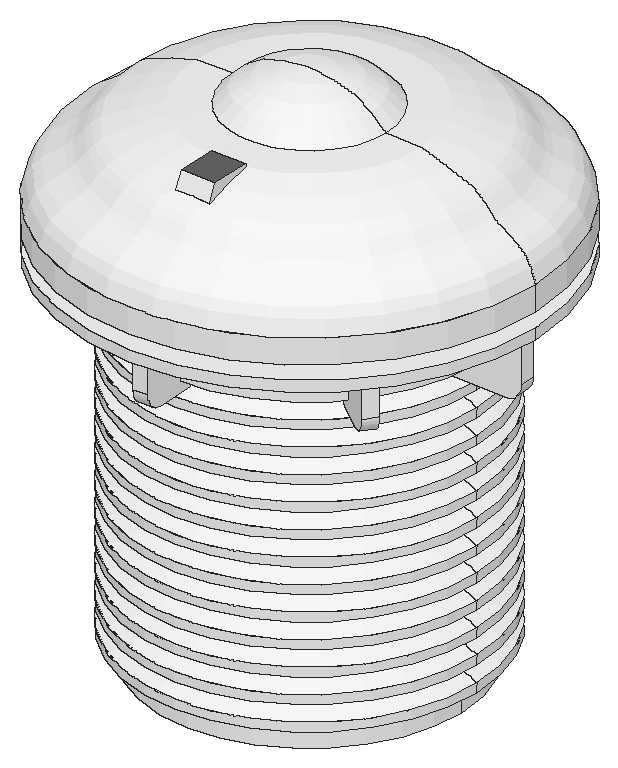
Revit family "BTSMP-LMI", category Communication Devices, host Face, Revit 2014
Parameters (values of type "BTSMP")
  Width = 1.60"
  Warranty = "5-Years Warranty"  # constant formula
  Type Comments = "Bluetooth® Low Mount Indoor Sensor Module"  # constant formula
  Sensor Type = "Passive Infrared"  # constant formula
  Product Page URL = "https://www.hubbell.com/hubbellcontrolsolutions/en/Products/Lighting-Controls/Lighting-Controls-Sensors/OEM-Fixture-Controls/Bluetooth-Low-Mount-Indoor-Sensor-Module/p/7413871"
  Product Documentation Link = "https://hubbellcdn.com/specsheet/HCS_1905A_BTSMP-LMI_SPEC.pdf"
  URL = "https://www.hubbell.com/hubbellcontrolsolutions/en"
  Mounting = "Up to 14 ft"  # constant formula
  Model = "Low Mount Indoor Sensor Module"  # constant formula
  Manufacturer = "Hubbell Control Solutions"  # constant formula
  Features = "Passive Infrared (PIR) sensing technology provides excellent major\r\nmotion detection\r\n• Wireless programming using HCS controlHUBB mobile app\r\n• 0-10V dimming control\r\n• Single/Dual motion sensor timer modes\r\n• Daylight sensor with multiple daylight harvesting modes\r\n• Compact, discrete, low profile fixture sensor"  # constant formula
  Coverage = "1:1 (Mounting Height : Coverage Radius);\r\nUp to 14ft"  # constant formula
  Certifications = "• Conforms with UL STD 508, UL STD 244A"  # constant formula
  Black = Paint - Hubbell - Carbon Black
  White = Paint - Hubbell - Matte White
  Description = "The Passive-Infrared Bluetooth sensor module, or BTSMP, is the newest series of the Hubbell Control Solutions Bluetooth Sensor family. Perfect for architectural applications, it is smaller, more cost effective, seamlessly integrates with all luminaires and provides simple dimming control using the controlHUBB app."  # constant formula
  Default Elevation = 48.00"
  Copyright = "Copyright © 2021 Hubbell Control Solutions"  # constant formula
  Contact Us = "https://www.hubbell.com/hubbellcontrolsolutions/en/contactUs?productId=2496467"
  Assembly Code = "D5090"
Reference planes (in)
  plane 1 "Center (Front/Back)": y = 13.01342
  plane 2: z = 0
  plane 3 "Center (Left/Right)": x = 0
  plane 4: z = 1.3
  plane 5: x = 0.8
  plane 6: x = -0.8
  plane 7: x = 0.6
  plane 8: x = -0.6
  plane 9: z = 1.9
Forms (in)
  Revolve 1, solid, material "Paint - Hubbell - Matte White" <- "White"
    sketch origin (0, 13.01342, 0) x (1, 0, 0) y (0, 0, 1)
      loop
        line (0, 1.9) -> (0, 0)
        spline (0, 0) -> (0.06578, 0.00012) -> (0.12719, 0.00049) -> (0.18444, 0.00114) -> (0.23771, 0.00211) -> (0.28721, 0.00342) -> (0.33312, 0.00511) -> (0.37564, 0.00719) -> (0.41496, 0.00971) -> (0.45128, 0.01268) -> (0.48479, 0.01615) -> (0.51569, 0.02014) -> (0.54416, 0.02467)
        line (0.54416, 0.02467) -> (0.54416, 0.08263) -> (0.6, 0.10866) -> (0.6, 0.13966) -> (0.53889, 0.16816) -> (0.6, 0.19665) -> (0.6, 0.22765) -> (0.53889, 0.25615) -> (0.6, 0.28464) -> (0.6, 0.31564) -> (0.53889, 0.34413) -> (0.6, 0.37263) -> (0.6, 0.40363) -> (0.53889, 0.43212) -> (0.6, 0.46062) -> (0.6, 0.49162) -> (0.53889, 0.52011) -> (0.6, 0.54861) -> (0.6, 0.57961) -> (0.53889, 0.6081) -> (0.6, 0.6366) -> (0.6, 0.6676) -> (0.53889, 0.69609) -> (0.6, 0.72458) -> (0.6, 0.75558) -> (0.53889, 0.78408) -> (0.6, 0.81257) -> (0.6, 0.84357) -> (0.53889, 0.87207) -> (0.6, 0.90056) -> (0.6, 0.93156) -> (0.53889, 0.96006) -> (0.6, 0.98855) -> (0.6, 1.01955) -> (0.53889, 1.04804) -> (0.6, 1.07654) -> (0.6, 1.10754) -> (0.53889, 1.13603) -> (0.6, 1.16453) -> (0.6, 1.19553) -> (0.53889, 1.22402) -> (0.6, 1.25252) -> (0.6, 1.28352) -> (0.53889, 1.31201) -> (0.80781, 1.31201) -> (0.80781, 1.48634)
        spline (0.80781, 1.48634) -> (0.78398, 1.55102) -> (0.74923, 1.5879) -> (0.70613, 1.61547) -> (0.67219, 1.63915) -> (0.64585, 1.66554) -> (0.62107, 1.69308) -> (0.59292, 1.71598) -> (0.56047, 1.73342) -> (0.51873, 1.74897) -> (0.46004, 1.76803) -> (0.37918, 1.78545) -> (0.27339, 1.78544)
        spline (0.27339, 1.78544) -> (0.25813, 1.80274) -> (0.24151, 1.81862) -> (0.22351, 1.83309) -> (0.20415, 1.84616) -> (0.18342, 1.85782) -> (0.16132, 1.86807) -> (0.13786, 1.87691) -> (0.11302, 1.88435) -> (0.08682, 1.89037) -> (0.05925, 1.89499) -> (0.03031, 1.8982) -> (0, 1.9)
      axis (0, 1.9) -> (0, 0)
    angle from 0 to 360
  Extrusion 2, void
    sketch origin (0, 0, 0) x (1, 0, 0) y (0, 1, 0)
      loop
        circle (0, 13.01342) r 0.9
      loop
        circle (0, 13.01342) r 0.64901
    from 1.4 to 1.35
  Extrusion 3, solid, material "Paint - Hubbell - Matte White" <- "White"
    sketch origin (0, 13.01342, -0.1587) x (1, 0, 0) y (0, 0, 1)
      loop
        line (0.54058, 1.4781) -> (0.54058, 1.28365) -> (0.73833, 1.28365)
        arc (0.73833, 1.28365) -> (0.78194, 1.30172) -> (0.8, 1.34532) r 0.06167
        line (0.8, 1.34532) -> (0.8, 1.4781) -> (0.54058, 1.4781)
    from 0.05 to 0
  Extrusion 4, solid, material "Paint - Hubbell - Matte White" <- "White"
    sketch origin (0, 13.01342, -0.1587) x (0.806364, -0.591419, 0) y (0, 0, 1)
      loop
        line (0.54058, 1.4781) -> (0.54058, 1.28365) -> (0.68833, 1.28365)
        arc (0.68833, 1.28365) -> (0.73194, 1.30172) -> (0.75, 1.34532) r 0.06167
        line (0.75, 1.34532) -> (0.75, 1.4781) -> (0.54058, 1.4781)
    from 0.05 to 0
  Extrusion 5, solid, material "Paint - Hubbell - Matte White" <- "White"
    sketch origin (0, 13.01342, -0.1587) x (0.028208, -0.999602, 0) y (0, 0, 1)
      loop
        line (0.54058, 1.4781) -> (0.54058, 1.28365) -> (0.68833, 1.28365)
        arc (0.68833, 1.28365) -> (0.73194, 1.30172) -> (0.75, 1.34532) r 0.06167
        line (0.75, 1.34532) -> (0.75, 1.4781) -> (0.54058, 1.4781)
    from 0.05 to 0
  Extrusion 6, solid, material "Paint - Hubbell - Matte White" <- "White"
    sketch origin (0, 13.01342, -0.1587) x (-1, 0, 0) y (0, 0, -1)
      loop
        line (0.54058, -1.4781) -> (0.8, -1.4781) -> (0.8, -1.34532)
        arc (0.8, -1.34532) -> (0.78194, -1.30172) -> (0.73833, -1.28365) r 0.06167
        line (0.73833, -1.28365) -> (0.54058, -1.28365) -> (0.54058, -1.4781)
    from 0.05 to 0
  Extrusion 7, solid, material "Paint - Hubbell - Matte White" <- "White"
    sketch origin (0, 13.01342, -0.1587) x (-0.806364, -0.591419, 0) y (0, 0, -1)
      loop
        line (0.54058, -1.4781) -> (0.75, -1.4781) -> (0.75, -1.34532)
        arc (0.75, -1.34532) -> (0.73194, -1.30172) -> (0.68833, -1.28365) r 0.06167
        line (0.68833, -1.28365) -> (0.54058, -1.28365) -> (0.54058, -1.4781)
    from 0.05 to 0
  Extrusion 8, solid, material "Paint - Hubbell - Matte White" <- "White"
    sketch origin (0, 13.01342, -0.1587) x (0.806364, 0.591419, 0) y (0, 0, -1)
      loop
        line (0.54058, -1.4781) -> (0.75, -1.4781) -> (0.75, -1.34532)
        arc (0.75, -1.34532) -> (0.73194, -1.30172) -> (0.68833, -1.28365) r 0.06167
        line (0.68833, -1.28365) -> (0.54058, -1.28365) -> (0.54058, -1.4781)
    from 0.05 to 0
  Extrusion 9, solid, material "Paint - Hubbell - Matte White" <- "White"
    sketch origin (0, 13.01342, -0.1587) x (0.028208, 0.999602, 0) y (0, 0, -1)
      loop
        line (0.54058, -1.4781) -> (0.75, -1.4781) -> (0.75, -1.34532)
        arc (0.75, -1.34532) -> (0.73194, -1.30172) -> (0.68833, -1.28365) r 0.06167
        line (0.68833, -1.28365) -> (0.54058, -1.28365) -> (0.54058, -1.4781)
    from 0.05 to 0
  Extrusion 10, solid, material "Paint - Hubbell - Matte White" <- "White"
    sketch origin (0, 13.01342, -0.1587) x (-0.806364, 0.591419, 0) y (0, 0, 1)
      loop
        line (0.54058, 1.4781) -> (0.54058, 1.28365) -> (0.68833, 1.28365)
        arc (0.68833, 1.28365) -> (0.73194, 1.30172) -> (0.75, 1.34532) r 0.06167
        line (0.75, 1.34532) -> (0.75, 1.4781) -> (0.54058, 1.4781)
    from 0.05 to 0
  Blend 11, solid, material "Paint - Hubbell - Matte White" <- "White"
    base sketch origin (0, 0, 0) x (1, 0, 0) y (0, 1, 0)
      loop
        line (-0.03496, 12.44825) -> (0.08513, 12.44825) -> (0.08513, 12.62267) -> (-0.03496, 12.62267) -> (-0.03496, 12.44825)
    top sketch origin (0, 0, 0) x (1, 0, 0) y (0, 1, 0)
      loop
        line (0.08513, 12.62267) -> (-0.03496, 12.62267) -> (-0.03496, 12.48598) -> (0.08513, 12.48598) -> (0.08513, 12.62267)
    from 1.70527 to 1.79
Cuts and joins
  Extrusion 2 cuts Revolve 1
  joined: Revolve 1, Blend 11
Dimensions and locks (in)
  plane 9 to plane 4 to plane 2 = 0.60", 1.30"
  plane 9 to plane 4 = 0.60"
  equal spacing: plane 5, plane 3 "Center (Left/Right)", plane 6
  "Width": plane 5 to plane 6
  aligned and locked: plane 2 to host face
  aligned and locked: level to host face
Automatic sketch dimensions
  host sketch curve to host sketch curve = 96.00"  (x2)
  Revolve 1 sketch curve to plane 3 "Center (Left/Right)" = 0.00"  (x2)
  Revolve 1 sketch curve to plane 7 = 0.00"  (x14)
  Revolve 1 sketch curve to level = 0.00"
  Revolve 1 sketch curve to plane 9 = 0.00"
  plane 9 to Revolve 1 sketch curve = 0.11456"
  plane 3 "Center (Left/Right)" to Revolve 1 sketch curve = 0.27339"
  Revolve 1 sketch curve to plane 7 = 0.06111"  (x14)
  Revolve 1 sketch curve to plane 4 = 0.01201"
  Revolve 1 sketch curve to plane 7 = 0.05584"
  plane 5 to Revolve 1 sketch curve = 0.00781"
  level to Revolve 1 sketch curve = 0.02467"
  Revolve 1 sketch curve to Revolve 1 sketch curve = 0.05795"
  Revolve 1 sketch curve to Revolve 1 sketch curve = 0.02604"
  Revolve 1 sketch curve to Revolve 1 sketch curve = 0.031"  (x13)
  Revolve 1 sketch curve to Revolve 1 sketch curve = 0.02849"  (x13)
  Revolve 1 sketch curve to Revolve 1 sketch curve = 0.05699"  (x12)
  plane 4 to Revolve 1 sketch curve = 0.04748"
  plane 4 to Revolve 1 sketch curve = 0.01648"
  Revolve 1 sketch curve to Revolve 1 sketch curve = 0.17432"
  Revolve 1 sketch curve to level = 24.00"
  Revolve 1 sketch curve to Revolve 1 sketch curve = 53.62668"
  Extrusion 2 sketch curve to Extrusion 2 sketch curve = 0.00"  (x2)
  plane 1 "Center (Front/Back)" to Extrusion 2 sketch curve = 0.00"
  Extrusion 2 sketch curve to plane 3 "Center (Left/Right)" = 0.00"
  Extrusion 3 sketch curve to plane 5 = 0.00"
  plane 4 to Extrusion 3 sketch curve = 0.17505"
  Extrusion 3 sketch curve to plane 5 = 0.06167"
  Extrusion 3 sketch curve to plane 7 = 0.05942"
  Extrusion 3 sketch curve to Extrusion 3 sketch curve = 0.13277"
  Extrusion 4 sketch curve to plane 4 = 0.0194"
  plane 4 to Extrusion 4 sketch curve = 0.11337"
  Extrusion 4 sketch curve to Extrusion 4 sketch curve = 0.14775"
  Extrusion 4 sketch curve to Extrusion 4 sketch curve = 0.06167"
  Extrusion 5 sketch curve to plane 4 = 0.0194"
  plane 4 to Extrusion 5 sketch curve = 0.11337"
  Extrusion 5 sketch curve to Extrusion 5 sketch curve = 0.14775"
  Extrusion 5 sketch curve to Extrusion 5 sketch curve = 0.06167"
  Extrusion 6 sketch curve to plane 6 = 0.00"
  Extrusion 6 sketch curve to plane 4 = 0.17505"
  Extrusion 6 sketch curve to plane 6 = 0.06167"
  Extrusion 6 sketch curve to plane 8 = 0.05942"
  Extrusion 6 sketch curve to Extrusion 6 sketch curve = 0.13277"
  Extrusion 7 sketch curve to plane 4 = 0.0194"
  plane 4 to Extrusion 7 sketch curve = 0.11337"
  Extrusion 7 sketch curve to Extrusion 7 sketch curve = 0.14775"
  Extrusion 7 sketch curve to Extrusion 7 sketch curve = 0.06167"
  Extrusion 8 sketch curve to plane 4 = 0.0194"
  plane 4 to Extrusion 8 sketch curve = 0.11337"
  Extrusion 8 sketch curve to Extrusion 8 sketch curve = 0.14775"
  Extrusion 8 sketch curve to Extrusion 8 sketch curve = 0.06167"
  Extrusion 9 sketch curve to plane 4 = 0.0194"
  plane 4 to Extrusion 9 sketch curve = 0.11337"
  Extrusion 9 sketch curve to Extrusion 9 sketch curve = 0.14775"
  Extrusion 9 sketch curve to Extrusion 9 sketch curve = 0.06167"
  Extrusion 10 sketch curve to plane 4 = 0.0194"
  plane 4 to Extrusion 10 sketch curve = 0.11337"
  Extrusion 10 sketch curve to Extrusion 10 sketch curve = 0.14775"
  Extrusion 10 sketch curve to Extrusion 10 sketch curve = 0.06167"
  Blend 11 sketch curve to plane 3 "Center (Left/Right)" = 0.03496"  (x2)
  plane 3 "Center (Left/Right)" to Blend 11 sketch curve = 0.08513"  (x2)
  plane 1 "Center (Front/Back)" to Blend 11 sketch curve = 0.56516"
  Blend 11 sketch curve to Blend 11 sketch curve = 0.17442"
  plane 1 "Center (Front/Back)" to Blend 11 sketch curve = 0.52744"
  Blend 11 sketch curve to Blend 11 sketch curve = 0.13669"
  radius of Extrusion 2 sketch curve = 0.90"
  radius of Extrusion 2 sketch curve = 0.64901"
Connectors (in)
  electrical at (0, 12.79105, 0)
    settings: on host face, index 1, voltage 0 V, apparent load 0 VA, apparent load phase1 0 VA, apparent load phase2 0 VA, apparent load phase3 0 VA, power factor 1, load classification "Other", number of poles 1, system type 13, power factor state 1, is connector primary yes, connector utility no, sub classification motor no, connector description ""
